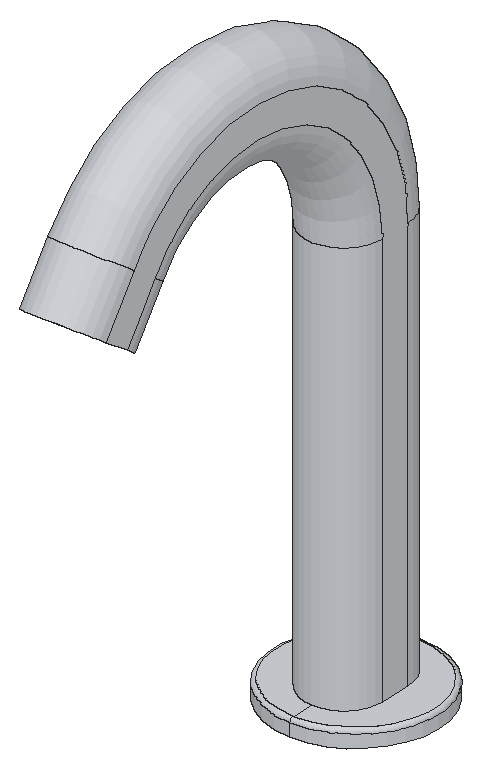
Revit family "Faucet_Touchless-Lavatory-KOHLER-Oblo-K-104B76", category Plumbing Fixtures, host Face, Revit 2017
Family settings
  Host = Face
  Round Connector Dimension = Use Diameter
  Part Type = Normal
  OmniClass Number = 23.31.11.00
  OmniClass Title = Faucets
  Cut with Voids When Loaded = No
  Shared = No
  Room Calculation Point = No
Parameters (values of type "CP-Polished Chrome")
  Width = 2 5/16"  # constant formula
  WaterSense Certified = 1 = 0  # no
  Waste Water Outlet = "Waste Water Outlet"  # constant formula
  Waste Connection = 1 = 0  # no
  Vent Connection = 1 = 0  # no
  URL = "https://www.us.kohler.com/us/"
  Tempered Water Inlet = "Tempered Water Inlet"  # constant formula
  Spout Reach = Length  # 4 7/8"
  Product Page URL = "http://www.us.kohler.com/us/catalog/productDetails.jsp?productNumber=104B76-SANA"
  Product Name = "Oblo"  # constant formula
  Product Documentation Link = "https://www.us.kohler.com/webassets/kpna/catalog/pdf/en/K-104B76-SANA_spec.pdf"
  Pressure = 60.00 psi  # constant formula
  Model = "K-104B76-SANA-CP"  # constant formula
  Material = " Brass Spout"  # constant formula
  MasterFormat 2004 = "22.41.39"  # constant formula
  MasterFormat 1995 = "15410"  # constant formula
  Manufacturer Address = "444 Highland Dr, Kohler, WI 53044"  # constant formula
  Manufacturer = "KOHLER Co."  # constant formula
  Length = 4 7/8"  # constant formula
  Hot Water Inlet = "Hot Water Inlet"  # constant formula
  Height = 9 1/4"  # constant formula
  HW Connection = 1 = 1  # yes
  Flow Rate = 0.5 GPM  # constant formula
  Finish = Kohler-Metal-CP-Polished_Chrome
  Environmental Product Declaration = ""
  Drain Included = 1 = 1  # yes
  Description = "Touchless faucet with Kinesis™ sensor technology, DC-powered"  # constant formula
  Default Elevation = 36"
  Declare Label = ""
  Date Modified = "01/24/2020"  # constant formula
  Date Created = "01/07/2020"  # constant formula
  Copyright = "Copyright KOHLER Co."  # constant formula
  Contact Us = "https://www.us.kohler.com/us/static/contact.jsp"
  Cold Water Inlet = "Cold Water Inlet"  # constant formula
  CW Connection = 1 = 0  # no
  Assembly Code = "D2010"
  ADA Compliant = 1 = 1  # yes
Reference planes (in)
  plane 1 "Center (Front/Back)": y = 0
  plane 2: z = 0
  plane 3 "Center (Left/Right)": x = 0
  plane 4: x = -1.15625
  plane 5: x = 1.15625
  plane 6: y = 1.15625
  plane 7: y = -1.15625
  plane 8: y = -4.875
  plane 9: z = 9.25
  plane 10: z = 6.8125
Dimensions and locks (in)
  "Width": plane 4 to plane 5
  plane 7 to plane 6 = 2 5/16"
  "Length": plane 8 to plane 1 "Center (Front/Back)"
  "Height": plane 9 to plane 2
  plane 10 to plane 2 = 6 13/16"
  aligned and locked: plane 2 to host face
  aligned and locked: level to host face
Automatic sketch dimensions
  host sketch curve to host sketch curve = 96"  (x2)
Nested families (in)
  nested 1: "K-104B76" at (0, 0, 0), type "K-104B76"
Connectors (in)
  piping at (0, 0, 0.02263), diameter 0.375, driven by "Flow Rate", driven by "Pressure", driven by "HW Connection", driven by "Tempered Water Inlet"
    settings: on nested 1, index 1, connector inside diameter 24", connector length 0", flow factor 0, pipe flow 0.5 GPM, pressure drop 60.00 psi, fitting loss kfactor 0, connector angle 0.00°, fixture units 0, engagement length 0", angle of deflection 0.00°, flow configuration 1, flow direction 1, fitting loss method 4, system type 19, joint type 0, gender type 0, connector reference index -1, connector utility 1, adjustable connector no, is connector primary yes, connector description "Tempered Water Inlet"
Definition of nested family "K-104B76"
  Parameters (values of type "K-104B76")
    Material = none
  Reference planes (in)
    plane 1 "Center (Front/Back)": y = 0
    plane 2: z = 0
    plane 3 "Center (Left/Right)": x = 0
    plane 4: x = -1.15625
    plane 5: x = 1.15625
    plane 6: y = 1.15625
    plane 7: y = -1.15625
    plane 8: z = 9.25
    plane 9: y = -4.875
    plane 10: z = 6.8125
  Forms (in)
    Revolve 1, solid, material <- "Material", detail levels medium+fine
      sketch origin (0, 0, 0) x (0, 1, 0) y (0, 0, 1)
        loop
          line (1.15625, 0) -> (1.15625, 0.17964)
          arc (1.15625, 0.17964) -> (1.13968, 0.21965) -> (1.09967, 0.23622) r 0.05658
          line (1.09967, 0.23622) -> (0, 0.23622) -> (0, 0) -> (1.15625, 0)
        axis (0, 0) -> (0, 0.23622)
      angle from 0 to 360
    Sweep 2, solid, material <- "Material", detail levels medium+fine
      path origin (0, 0, -0.0166) x (0, 1, 0) y (0, 0, 1)
        loop
          line (0, 0.25282) -> (0, 6.07301)
          arc (0, 6.07301) -> (-1.69297, 8.38192) -> (-4.4041, 7.46161) r 2.42096
          line (-4.4041, 7.46161) -> (-4.89067, 6.76672)
      profile origin (0, 0, 3.14631) x (0, -1, 0) y (1, 0, 0)
        loop
          spline (0.22638, -0.55118) -> (0.36802, -0.53239) -> (0.50001, -0.47732) -> (0.61335, -0.3897) -> (0.70031, -0.27552) -> (0.75496, -0.14256) -> (0.77357, 0.00012) -> (0.75489, 0.14279) -> (0.70018, 0.27573) -> (0.61318, 0.38987) -> (0.4998, 0.47744) -> (0.36779, 0.53246) -> (0.22613, 0.55118)
          line (0.22613, 0.55118) -> (-0.22638, 0.55118)
          spline (-0.22638, 0.55118) -> (-0.368, 0.5324) -> (-0.49998, 0.47734) -> (-0.6133, 0.38974) -> (-0.70026, 0.27559) -> (-0.75493, 0.14266) -> (-0.77358, 0) -> (-0.75493, -0.14266) -> (-0.70026, -0.27559) -> (-0.6133, -0.38974) -> (-0.49998, -0.47734) -> (-0.368, -0.5324) -> (-0.22638, -0.55118)
          line (-0.22638, -0.55118) -> (0.22638, -0.55118)
    Extrusion 3, solid, material <- "Material", detail levels coarse
      sketch origin (0, 0, 0) x (1, 0, 0) y (0, 1, 0)
        loop
          circle (0, 0) r 1.15625
      from 0 to 0.23622
    Sweep 4, solid, material <- "Material", detail levels coarse
      path origin (0, 0, -0.0166) x (0, 1, 0) y (0, 0, 1)
        loop
          line (0, 0.25282) -> (0, 6.07301)
          arc (0, 6.07301) -> (-1.69297, 8.38192) -> (-4.4041, 7.46161) r 2.42096
          line (-4.4041, 7.46161) -> (-4.89067, 6.76672)
      profile origin (0, 0, 3.14631) x (0, -1, 0) y (1, 0, 0)
        loop
          spline (0.77362, 0) -> (0.74726, 0.14266) -> (0.66997, 0.27559) -> (0.54703, 0.38974) -> (0.38681, 0.47734) -> (0.20023, 0.5324) -> (0, 0.55118) -> (-0.20023, 0.5324) -> (-0.38681, 0.47734) -> (-0.54703, 0.38974) -> (-0.66997, 0.27559) -> (-0.74726, 0.14266) -> (-0.77362, 0)
          spline (-0.77362, 0) -> (-0.74726, -0.14266) -> (-0.66997, -0.27559) -> (-0.54703, -0.38974) -> (-0.38681, -0.47734) -> (-0.20023, -0.5324) -> (0, -0.55118) -> (0.20023, -0.5324) -> (0.38681, -0.47734) -> (0.54703, -0.38974) -> (0.66997, -0.27559) -> (0.74726, -0.14266) -> (0.77362, 0)
    Extrusion 5, void
      sketch origin (0, -4.89067, 6.75012) x (1, 0, 0) y (0, -0.819152, 0.573576)
        loop
          circle (0.00001, 0.10763) r 0.5
        loop
          circle (0.00001, 0.10763) r 0.48516
        loop
          circle (0.00001, 0.10763) r 0.41777
      from -0.16869 to 0.18137
    Extrusion 6, solid, material <- "Material", detail levels medium+fine
      sketch origin (0, 0, 0) x (1, 0, 0) y (0, 1, 0)
        loop
          circle (0, 0) r 0.09901
      from 0 to 0.02263
    Extrusion 7, solid, detail levels medium+fine
      sketch origin (0, -4.87262, 6.73748) x (1, 0, 0) y (0, -0.819152, 0.573576)
        loop
          arc (-0.05387, 0.31259) -> (-0.14858, 0.27822) -> (-0.2257, 0.21338) r 0.2885
          line (-0.2257, 0.21338) -> (-0.19111, 0.19341) -> (-0.24065, 0.1076) -> (-0.27524, 0.12757)
          arc (-0.27524, 0.12757) -> (-0.29283, 0.02837) -> (-0.27524, -0.07084) r 0.2885
          line (-0.27524, -0.07084) -> (-0.24065, -0.05087) -> (-0.19111, -0.13668) -> (-0.2257, -0.15665)
          arc (-0.2257, -0.15665) -> (-0.14858, -0.22149) -> (-0.05387, -0.25585) r 0.2885
          line (-0.05387, -0.25585) -> (-0.05387, -0.21591) -> (0.04521, -0.21591) -> (0.04521, -0.25585)
          arc (0.04521, -0.25585) -> (0.13992, -0.22149) -> (0.21704, -0.15665) r 0.2885
          line (0.21704, -0.15665) -> (0.18245, -0.13668) -> (0.23199, -0.05087) -> (0.26658, -0.07084)
          arc (0.26658, -0.07084) -> (0.28418, 0.02837) -> (0.26658, 0.12757) r 0.2885
          line (0.26658, 0.12757) -> (0.23199, 0.1076) -> (0.18245, 0.19341) -> (0.21704, 0.21338)
          arc (0.21704, 0.21338) -> (0.13992, 0.27822) -> (0.04521, 0.31259) r 0.2885
          line (0.04521, 0.31259) -> (0.04521, 0.27264) -> (-0.05387, 0.27264) -> (-0.05387, 0.31259)
      from -0.16869 to -0.08135
  Cuts and joins
    Extrusion 5 cuts Sweep 2
    joined: Revolve 1, Sweep 2
    joined: Extrusion 3, Sweep 4
  Lines and regions (in)
    Masking region 1
      outline origin (0, 0, 0) x (1, 0, 0) y (0, 1, 0)
        loop
          arc (0.55118, -1.01642) -> (1.12075, 0.28432) -> (0, 1.15625) r 1.15625
          arc (0, 1.15625) -> (-1.12075, 0.28432) -> (-0.55118, -1.01642) r 1.15625
          line (-0.55118, -1.01642) -> (-0.55118, -5.07611)
          spline (-0.55118, -5.07611) -> (-0.53241, -5.19209) -> (-0.47738, -5.30017) -> (-0.38983, -5.39299) -> (-0.27574, -5.46422) -> (-0.14286, -5.50903) -> (-0.00026, -5.52435) -> (0.14237, -5.50914) -> (0.27529, -5.46443) -> (0.38947, -5.39328) -> (0.47712, -5.30053) -> (0.53228, -5.19249) -> (0.55118, -5.07653)
          line (0.55118, -5.07653) -> (0.55118, -1.01642)
    Masking region 2
      outline origin (0, 0, 0) x (1, 0, 0) y (0, 0, 1)
        loop
          line (1.15625, 0) -> (1.15625, 0.18027)
          arc (1.15625, 0.18027) -> (1.13986, 0.21983) -> (1.1003, 0.23622) r 0.05595
          line (1.1003, 0.23622) -> (0.55118, 0.23622) -> (0.55118, 8.69977)
          arc (0.55118, 8.69977) -> (0, 9.25096) -> (-0.55118, 8.69977) r 0.55118
          line (-0.55118, 8.69977) -> (-0.55118, 0.23622) -> (-1.1003, 0.23622)
          arc (-1.1003, 0.23622) -> (-1.13986, 0.21983) -> (-1.15625, 0.18027) r 0.05595
          line (-1.15625, 0.18027) -> (-1.15625, 0) -> (1.15625, 0)
    Masking region 3
      outline origin (0, 0, 0) x (0, 1, 0) y (0, 0, 1)
        loop
          line (1.15625, 0) -> (1.15625, 0.18047)
          arc (1.15625, 0.18047) -> (1.13992, 0.21989) -> (1.1005, 0.23622) r 0.05575
          line (1.1005, 0.23622) -> (0.77357, 0.23622) -> (0.77357, 6.05478)
          arc (0.77357, 6.05478) -> (-1.46071, 9.10195) -> (-5.03871, 7.88738) r 3.19505
          line (-5.03871, 7.88738) -> (-5.52435, 7.19382) -> (-4.257, 6.30641) -> (-3.77602, 6.99332)
          arc (-3.77602, 6.99332) -> (-1.92773, 7.62073) -> (-0.77357, 6.04666) r 1.65046
          line (-0.77357, 6.04666) -> (-0.77357, 0.23622) -> (-1.1005, 0.23622)
          arc (-1.1005, 0.23622) -> (-1.13992, 0.21989) -> (-1.15625, 0.18047) r 0.05575
          line (-1.15625, 0.18047) -> (-1.15625, 0) -> (1.15625, 0)
    symbolic lines, detail levels medium+fine
      curve 1: spline (-0.55118, 0.22638, 0) -> (-0.5324, 0.368, 0) -> (-0.47734, 0.49998, 0) -> (-0.38974, 0.6133, 0) -> (-0.27559, 0.70026, 0) -> (-0.14266, 0.75493, 0) -> (0, 0.77357, 0) -> (0.14266, 0.75493, 0) -> (0.27559, 0.70026, 0) -> (0.38974, 0.6133, 0) -> (0.47734, 0.49998, 0) -> (0.5324, 0.368, 0) -> (0.55118, 0.22638, 0)
      curve 2: line (-0.55118, 0.22638, 0) -> (-0.55118, -1.01642, 0)
      curve 3: line (0.55118, 0.22638, 0) -> (0.55118, -1.01642, 0)
      curve 4: line (-0.55118, 0, 0.23622) -> (0.55118, 0, 0.23622)
      curve 5: line (0, 0.77357, 0.23622) -> (0, -0.77357, 0.23622)
      curve 6: line (0, 0.30078, 0.23622) -> (0, 0.30078, 6.20994)
      curve 7: arc (0, 0.30078, 6.20994) -> (0, -1.56867, 8.75954) -> (0, -4.56242, 7.7433) r 2.67334
      curve 8: line (0, -5.13706, 6.92264) -> (0, -4.56242, 7.7433)
      curve 9: line (0, -4.64429, 6.5776) -> (0, -4.06965, 7.39826)
      curve 10: arc (0, -0.30078, 6.20994) -> (0, -1.74956, 8.18582) -> (0, -4.06965, 7.39826) r 2.07177
      curve 11: line (0, -0.30078, 0.23622) -> (0, -0.30078, 6.20994)
      curve 12: spline (0.55127, 0, 6.96247) -> (0.53249, 0, 7.04371) -> (0.47743, 0, 7.1194) -> (0.38983, 0, 7.18441) -> (0.27568, 0, 7.23428) -> (0.14275, 0, 7.26564) -> (0.00009, 0, 7.27633) -> (-0.14257, 0, 7.26564) -> (-0.2755, 0, 7.23428) -> (-0.38965, 0, 7.18441) -> (-0.47725, 0, 7.1194) -> (-0.53231, 0, 7.04371) -> (-0.55109, 0, 6.96247)
      curve 13: spline (-0.55109, 0, 6.70278) -> (-0.5323, 0, 6.62154) -> (-0.47723, 0, 6.54583) -> (-0.38961, 0, 6.48083) -> (-0.27543, 0, 6.43095) -> (-0.14247, 0, 6.3996) -> (0.00021, 0, 6.38892) -> (0.14288, 0, 6.39964) -> (0.27582, 0, 6.43102) -> (0.38996, 0, 6.48093) -> (0.47753, 0, 6.54596) -> (0.53255, 0, 6.62167) -> (0.55127, 0, 6.70292)
      curve 14: spline (0.50009, 0, 6.88207) -> (0.48305, 0, 6.80784) -> (0.4331, 0, 6.73867) -> (0.35364, 0, 6.67928) -> (0.25009, 0, 6.6337) -> (0.1295, 0, 6.60505) -> (0.00009, 0, 6.59528) -> (-0.12932, 0, 6.60505) -> (-0.24991, 0, 6.6337) -> (-0.35346, 0, 6.67928) -> (-0.43292, 0, 6.73867) -> (-0.48287, 0, 6.80784) -> (-0.49991, 0, 6.88207) -> (-0.48287, 0, 6.95629) -> (-0.43292, 0, 7.02546) -> (-0.35346, 0, 7.08486) -> (-0.24991, 0, 7.13043) -> (-0.12932, 0, 7.15908) -> (0.00009, 0, 7.16885) -> (0.1295, 0, 7.15908) -> (0.25009, 0, 7.13043) -> (0.35364, 0, 7.08486) -> (0.4331, 0, 7.02546) -> (0.48305, 0, 6.95629) -> (0.50009, 0, 6.88207)
      curve 15: spline (0.48525, 0, 6.88207) -> (0.46872, 0, 6.95409) -> (0.42025, 0, 7.0212) -> (0.34315, 0, 7.07884) -> (0.24267, 0, 7.12306) -> (0.12566, 0, 7.15086) -> (0.00009, 0, 7.16034) -> (-0.12548, 0, 7.15086) -> (-0.24249, 0, 7.12306) -> (-0.34297, 0, 7.07884) -> (-0.42007, 0, 7.0212) -> (-0.46854, 0, 6.95409) -> (-0.48507, 0, 6.88207) -> (-0.46854, 0, 6.81004) -> (-0.42007, 0, 6.74293) -> (-0.34297, 0, 6.6853) -> (-0.24249, 0, 6.64107) -> (-0.12548, 0, 6.61327) -> (0.00009, 0, 6.60379) -> (0.12566, 0, 6.61327) -> (0.24267, 0, 6.64107) -> (0.34315, 0, 6.6853) -> (0.42025, 0, 6.74293) -> (0.46872, 0, 6.81004) -> (0.48525, 0, 6.88207)
      curve 16: spline (0.41786, 0, 6.88207) -> (0.40363, 0, 6.82005) -> (0.36189, 0, 6.76225) -> (0.2955, 0, 6.71263) -> (0.20898, 0, 6.67455) -> (0.10822, 0, 6.65061) -> (0.00009, 0, 6.64244) -> (-0.10804, 0, 6.65061) -> (-0.20879, 0, 6.67455) -> (-0.29532, 0, 6.71263) -> (-0.36171, 0, 6.76225) -> (-0.40344, 0, 6.82005) -> (-0.41768, 0, 6.88207) -> (-0.40344, 0, 6.94408) -> (-0.36171, 0, 7.00188) -> (-0.29532, 0, 7.05151) -> (-0.20879, 0, 7.08959) -> (-0.10804, 0, 7.11352) -> (0.00009, 0, 7.12169) -> (0.10822, 0, 7.11352) -> (0.20898, 0, 7.08959) -> (0.2955, 0, 7.05151) -> (0.36189, 0, 7.00188) -> (0.40363, 0, 6.94408) -> (0.41786, 0, 6.88207)
      curve 17: spline (-0.41058, 0, 6.92606) -> (-0.399, 0, 6.8992) -> (-0.38211, 0, 6.87329) -> (-0.36012, 0, 6.84867) -> (-0.33333, 0, 6.82566) -> (-0.30209, 0, 6.80458) -> (-0.26683, 0, 6.78571) -> (-0.22801, 0, 6.76929) -> (-0.18615, 0, 6.75555) -> (-0.1418, 0, 6.74467) -> (-0.09557, 0, 6.73679) -> (-0.04806, 0, 6.73202) -> (0.00009, 0, 6.73042)
      curve 18: spline (0.00009, 0, 6.73042) -> (0.04824, 0, 6.73202) -> (0.09575, 0, 6.73679) -> (0.14198, 0, 6.74467) -> (0.18633, 0, 6.75555) -> (0.22819, 0, 6.76929) -> (0.26701, 0, 6.78571) -> (0.30227, 0, 6.80458) -> (0.33351, 0, 6.82566) -> (0.3603, 0, 6.84867) -> (0.38229, 0, 6.87329) -> (0.39918, 0, 6.8992) -> (0.41076, 0, 6.92606)
      curve 19: line (-0.04911, 0, 6.73966) -> (-0.04911, 0, 6.76257)
      curve 20: line (0.04997, 0, 6.76257) -> (0.04997, 0, 6.73966)
      curve 21: spline (0.2218, 0, 6.79656) -> (0.2106, 0, 6.78932) -> (0.19869, 0, 6.78247) -> (0.18609, 0, 6.77602) -> (0.17287, 0, 6.77001) -> (0.15905, 0, 6.76446) -> (0.14468, 0, 6.75937) -> (0.12983, 0, 6.75478) -> (0.11453, 0, 6.75069) -> (0.09884, 0, 6.74713) -> (0.08282, 0, 6.74409) -> (0.06651, 0, 6.7416) -> (0.04997, 0, 6.73966)
      curve 22: line (0.18721, 0, 6.80802) -> (0.2218, 0, 6.79656)
      curve 23: line (0.23675, 0, 6.85724) -> (0.18721, 0, 6.80802)
      curve 24: line (0.27134, 0, 6.84578) -> (0.23675, 0, 6.85724)
      curve 25: spline (0.27134, 0, 6.95958) -> (0.27668, 0, 6.9504) -> (0.28107, 0, 6.94106) -> (0.2845, 0, 6.93158) -> (0.28696, 0, 6.922) -> (0.28844, 0, 6.91236) -> (0.28894, 0, 6.90268) -> (0.28844, 0, 6.89301) -> (0.28696, 0, 6.88337) -> (0.2845, 0, 6.87379) -> (0.28107, 0, 6.86431) -> (0.27668, 0, 6.85497) -> (0.27134, 0, 6.84578)
      curve 26: line (0.23675, 0, 6.94813) -> (0.27134, 0, 6.95958)
      curve 27: line (0.18721, 0, 6.99735) -> (0.23675, 0, 6.94813)
      curve 28: spline (0.04997, 0, 7.0657) -> (0.06651, 0, 7.06376) -> (0.08282, 0, 7.06127) -> (0.09884, 0, 7.05824) -> (0.11453, 0, 7.05467) -> (0.12983, 0, 7.05059) -> (0.14468, 0, 7.04599) -> (0.15905, 0, 7.04091) -> (0.17287, 0, 7.03535) -> (0.18609, 0, 7.02934) -> (0.19869, 0, 7.0229) -> (0.2106, 0, 7.01605) -> (0.2218, 0, 7.0088)
      curve 29: line (0.2218, 0, 7.0088) -> (0.18721, 0, 6.99735)
      curve 30: line (0.04997, 0, 7.0657) -> (0.04997, 0, 7.02064)
      curve 31: line (0.04997, 0, 7.02064) -> (-0.04911, 0, 7.02064)
      curve 32: line (-0.04911, 0, 7.02064) -> (-0.04911, 0, 7.0657)
      curve 33: spline (-0.22094, 0, 7.0088) -> (-0.20974, 0, 7.01605) -> (-0.19783, 0, 7.0229) -> (-0.18523, 0, 7.02934) -> (-0.172, 0, 7.03535) -> (-0.15818, 0, 7.04091) -> (-0.14382, 0, 7.04599) -> (-0.12897, 0, 7.05059) -> (-0.11367, 0, 7.05467) -> (-0.09798, 0, 7.05824) -> (-0.08195, 0, 7.06127) -> (-0.06565, 0, 7.06376) -> (-0.04911, 0, 7.0657)
      curve 34: line (-0.18635, 0, 6.99735) -> (-0.22094, 0, 7.0088)
      curve 35: line (-0.23589, 0, 6.94813) -> (-0.18635, 0, 6.99735)
      curve 36: line (-0.27048, 0, 6.95958) -> (-0.23589, 0, 6.94813)
      curve 37: spline (-0.27048, 0, 6.84578) -> (-0.27582, 0, 6.85497) -> (-0.28021, 0, 6.86431) -> (-0.28364, 0, 6.87379) -> (-0.2861, 0, 6.88337) -> (-0.28758, 0, 6.89301) -> (-0.28807, 0, 6.90268) -> (-0.28758, 0, 6.91236) -> (-0.2861, 0, 6.922) -> (-0.28364, 0, 6.93158) -> (-0.28021, 0, 6.94106) -> (-0.27582, 0, 6.9504) -> (-0.27048, 0, 6.95958)
      curve 38: line (-0.23589, 0, 6.85724) -> (-0.27048, 0, 6.84578)
      curve 39: line (-0.18635, 0, 6.80802) -> (-0.23589, 0, 6.85724)
      curve 40: line (-0.22094, 0, 6.79656) -> (-0.18635, 0, 6.80802)
      curve 41: spline (-0.04911, 0, 6.73966) -> (-0.06565, 0, 6.7416) -> (-0.08195, 0, 6.74409) -> (-0.09798, 0, 6.74713) -> (-0.11367, 0, 6.75069) -> (-0.12897, 0, 6.75478) -> (-0.14382, 0, 6.75937) -> (-0.15818, 0, 6.76446) -> (-0.172, 0, 6.77001) -> (-0.18523, 0, 6.77602) -> (-0.19783, 0, 6.78247) -> (-0.20974, 0, 6.78932) -> (-0.22094, 0, 6.79656)
      curve 42: line (0.04997, 0, 6.76257) -> (-0.04911, 0, 6.76257)
  Dimensions and locks (in)
    plane 4 to plane 5 = 2 5/16"
    plane 8 to plane 2 = 9 1/4"
    plane 1 "Center (Front/Back)" to plane 9 = 4 7/8"
    plane 10 to plane 2 = 6 13/16"
    aligned and locked: plane 2 to level
